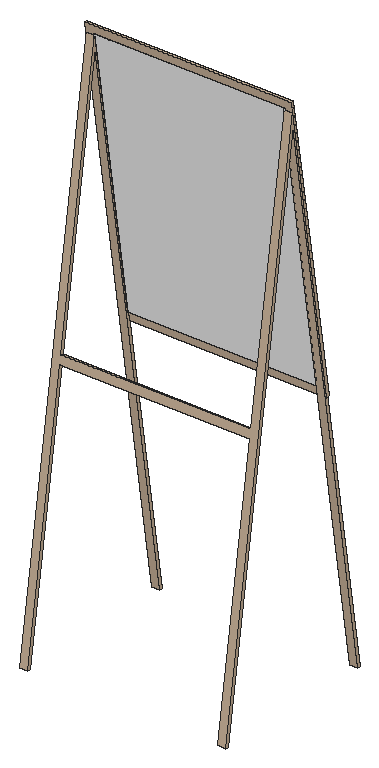
Revit family
Parameters (values of type "ByType")
  Warranty Duration (Years) = 0
  Unit Width = 2' - 0"
  Unit Height = 5' - 4"
  Unit Depth = 1' - 8"
  URL = "http://www.marsh-ind.com/"
  Specification = "http://www.arcat.com/sdspecs/htm/10100mii.htm"
  SpecWizard = "http://www.arcat.com/specwizard/10100mii/index.htm?coid=34020&mf="
  Send Message = "http://www.arcat.com/users.pl?action=UserEmail&company=Marsh%20Industries,%20Inc.&coid=34020&rep=148&fax=330-339-5875&mf="
  Sales Information = "http://www.marshintegro.com/contact-us.aspx"
  Revision = "R1_01-2010"
  Product Properties = "http://www.arcat.com/bim/bim_info.pl?fn=Visual-Display-Device_Marsh"
  Product Data = "http://www.arcat.com/arcatcos/cos34/arc34020.html"
  Model = "As Specified in 10 11 00"
  Leg Material = Wood - Oak
  Manufacturer Website = "http://www.marsh-ind.com/"
  Manufacturer Phone - Toll Free = "800-673-8826 "
  Manufacturer Phone = "330-308-8865 "
  Manufacturer Fax = "330-339-5875"
  Manufacturer Address = "2301 E. High Ave., P. O. Box 1000, New Philadelphia, OH 44663-5100"
  Manufacturer = "Marsh Industries, Inc."
  Maintenance Schedule (Months) = 0
  Keynote = "10 11 00"
  Installation Phase = ""
  Horizontal Frame Dist From Floor = Unit Height / 2  # 2' - 8"
  Expected Lifespan (Years) = 0
  Drawn By = "Robert S. Weygant, CSI, CDT, SCIP"
  Description = "Visual Display Device as Specified in 10 11 00"
  Copyright = "2010, ARCAT, Inc."
  Construction Details = "http://www.arcat.com/details/marshind/marshind.html?coid=34020"
  Board Surface = Markerboard
  Board Height = 2' - 8"
  Assembly Code = "C1030540"
Reference planes (in)
  plane 1 "Back": y = 0
  plane 2: z = 0
  plane 3 "Center (Left/Right)": x = 21.31358
  plane 4 "Top": z = 64
  plane 5 "Left": x = 9.31358
  plane 6 "Right": x = 33.31358
  plane 7 "Front": y = -20
  plane 8 "Center (Front/Back)": y = -10
  plane 9 "Horizonal Frame": z = 32
Forms (in)
  Sweep 1, solid, material "Wood - Oak" <- "Leg Material"
    path in 3D
      loop
        line (9.31358, -20, 0) -> (9.31358, -10, 64) -> (9.31358, 0, 0)
    profile "PR-Rectangle : PR-Rectangle" origin (9.31358, -15, 32) x (0, 0.988012, -0.154377) y (-1, 0, 0)
      loop
        line (-0.125, 0.5) -> (-0.125, -0.5) -> (0.125, -0.5) -> (0.125, 0.5) -> (-0.125, 0.5)
  Sweep 2, solid, material "Wood - Oak" <- "Leg Material"
    path in 3D
      loop
        line (33.31358, -20, 0) -> (33.31358, -10, 64) -> (33.31358, 0, 0)
    profile "PR-Rectangle : PR-Rectangle" origin (33.31358, -15, 32) x (0, 0.988012, -0.154377) y (-1, 0, 0)
      loop
        line (-0.125, 0.5) -> (-0.125, -0.5) -> (0.125, -0.5) -> (0.125, 0.5) -> (-0.125, 0.5)
  Sweep 3, solid, material "Wood - Oak" <- "Leg Material"
    path in 3D
      loop
        line (9.31358, -15.05994, 31.61639) -> (33.31358, -15.05994, 31.61639)
    profile "PR-Rectangle : PR-Rectangle" origin (21.31358, -15.05994, 31.61639) x (0, 0.154377, 0.988012) y (0, -0.988012, 0.154377)
      loop
        line (0.5, 0.125) -> (-0.5, 0.125) -> (-0.5, -0.125) -> (0.5, -0.125) -> (0.5, 0.125)
  Extrusion 4, solid, material "Markerboard" <- "Board Surface"
    sketch origin (33.31358, -10, 64) x (0, 0.154377, -0.988012) y (-1, 0, 0)
      loop
        line (-0.8, 0.5) -> (32, 0.5) -> (32, 23.5) -> (-0.8, 23.5) -> (-0.8, 0.5)
    from 0 to 0.1875
  Sweep 5, solid, material "Wood - Oak" <- "Leg Material"
    path in 3D
      loop
        line (32.81358, -4.87469, 32.41256) -> (9.81358, -4.87469, 32.41256) -> (9.81358, -9.93825, 64.81936) -> (32.81358, -9.93825, 64.81936) -> (32.81358, -4.87469, 32.41256)
    profile "PR-Rectangle : PR-Rectangle" origin (32.81358, -7.40647, 48.61596) x (0, 0.988012, 0.154377) y (1, 0, 0)
      loop
        line (-0.125, 1) -> (-0.125, 0) -> (0.125, 0) -> (0.125, 1) -> (-0.125, 1)
Cuts and joins
  joined: Sweep 1, Sweep 2, Sweep 3
Lines and regions (in)
  reference lines
    curve 1: line (9.31358, -20, 0) -> (9.31358, -10, 64)
    curve 2: line (9.31358, -10, 64) -> (9.31358, 0, 0)
    curve 3: line (33.31358, -20, 0) -> (33.31358, -10, 64)
    curve 4: line (33.31358, -10, 64) -> (33.31358, 0, 0)
    curve 9: line (9.31358, -10, 64) -> (33.31358, -10, 64)
    curve 10: line (9.31358, -5.05994, 32.38361) -> (33.31358, -5.05994, 32.38361)
    curve 11: line (9.31358, -15.05994, 31.61639) -> (33.31358, -15.05994, 31.61639)
  sketch lines
    curve 5: line (9.31358, -20, 0) -> (9.31358, -10, 64)
    curve 6: line (9.31358, -10, 64) -> (9.31358, 0, 0)
    curve 7: line (33.31358, -20, 0) -> (33.31358, -10, 64)
    curve 8: line (33.31358, -10, 64) -> (33.31358, 0, 0)
    curve 12: line (9.31358, -15.05994, 31.61639) -> (33.31358, -15.05994, 31.61639)
    curve 13: line (32.81358, -9.93825, 64.81936) -> (32.81358, -4.87469, 32.41256)
    curve 14: line (9.81358, -9.93825, 64.81936) -> (32.81358, -9.93825, 64.81936)
    curve 15: line (9.81358, -4.87469, 32.41256) -> (9.81358, -9.93825, 64.81936)
    curve 16: line (32.81358, -4.87469, 32.41256) -> (9.81358, -4.87469, 32.41256)
Dimensions and locks (in)
  "Unit Height": plane 4 "Top" to level
  equal spacing: plane 5 "Left", plane 3 "Center (Left/Right)", plane 6 "Right"
  "Unit Depth": plane 7 "Front" to plane 1 "Back"
  "Unit Width": plane 5 "Left" to plane 6 "Right"
  equal spacing: plane 7 "Front", plane 8 "Center (Front/Back)", plane 1 "Back"
  "Horizontal Frame Dist From Floor": plane 9 "Horizonal Frame" to level
  "Horizontal Frame Dist From Floor": curve 1 to curve 11
  "Board Height": curve 2 to curve 10
  aligned and locked: curve 1 to curve 9
  aligned and locked: curve 9 to curve 4
  aligned and locked: curve 2 to curve 10
  aligned and locked: curve 4 to curve 10
  aligned and locked: curve 1 to curve 11
  aligned and locked: curve 3 to curve 11
  aligned and locked: cut or joined group of Sweep 1, Sweep 2, Sweep 3 to Extrusion 4 sketch curve  (x2)
  aligned and locked: Extrusion 4 sketch curve to cut or joined group of Sweep 1, Sweep 2, Sweep 3
  aligned and locked: curve 10 to Extrusion 4 sketch curve
Automatic sketch dimensions
  curve 2 to level = 0' - 0"
  curve 1 to level = 0' - 0"
  curve 2 to plane 1 "Back" = 0' - 0"
  curve 1 to plane 7 "Front" = 0' - 0"
  curve 1 to plane 4 "Top" = 0' - 0"
  curve 2 to plane 8 "Center (Front/Back)" = 0' - 0"
  curve 3 to plane 4 "Top" = 0' - 0"
  curve 4 to level = 0' - 0"
  curve 3 to level = 0' - 0"
  curve 4 to plane 1 "Back" = 0' - 0"
  curve 3 to plane 8 "Center (Front/Back)" = 0' - 0"
  curve 3 to plane 7 "Front" = 0' - 0"
  curve 9 to plane 8 "Center (Front/Back)" = 0' - 0"
